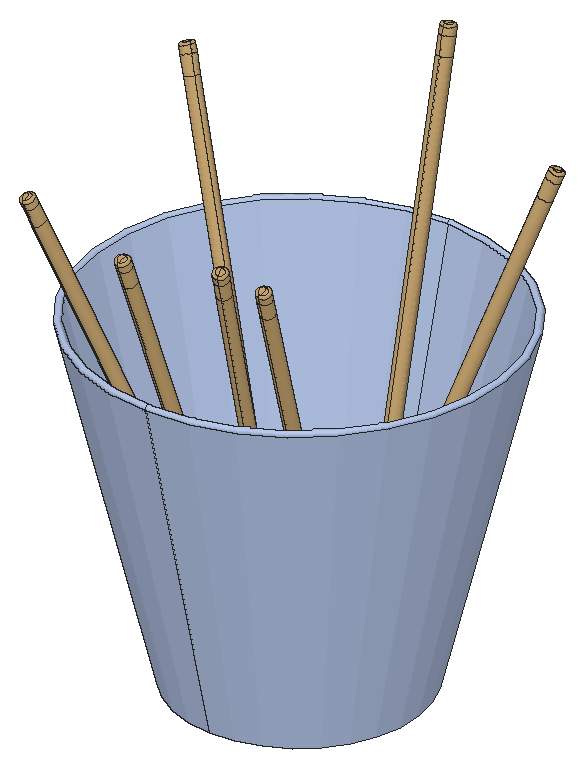
Revit family "Caixa de lápis", category Generic Models, Revit 2016
Family settings
  Part Type = Normal
  Can host rebar = No
  Round Connector Dimension = Use Diameter
  Work Plane-Based = No
  Always vertical = Yes
  Cut with Voids When Loaded = No
  Shared = No
  Room Calculation Point = No
Reference planes (in)
  plane 1 "Center (Front/Back)": y = 0
  plane 2: z = 0
  plane 3 "Center (Left/Right)": x = 0
Forms (in)
  Revolve 1, solid, material "Cup"
    sketch origin (0, 0, 0) x (0, 1, 0) y (0, 0, 1)
      loop
        line (0, 0) -> (0, 0.10404) -> (-1.43783, 0.10404) -> (-2.5057, 4.38701)
        arc (-2.5057, 4.38701) -> (-2.55751, 4.41815) -> (-2.58865, 4.36633) r 0.04275
        line (-2.58865, 4.36633) -> (-1.5, 0) -> (0, 0)
      axis (0, 4.38701) -> (0, 0)
    angle from 0 to 360
  Revolve 2, solid, material "Pencil"
    sketch origin (0, 0.21875, -0.125) x (0, 1, 0) y (0, 0, 1)
      loop
        line (-0.82075, 0.30161) -> (-3.15586, 6.3848) -> (-3.19899, 6.49715) -> (-3.25662, 6.47503)
        arc (-3.25662, 6.47503) -> (-3.27091, 6.46146) -> (-3.27143, 6.44176) r 0.02575
        line (-3.27143, 6.44176) -> (-3.23753, 6.35345) -> (-3.15299, 6.13322) -> (-1.02814, 0.5978) -> (-0.82075, 0.30161)
      axis (-0.82075, 0.30161) -> (-3.19899, 6.49715)
    angle from 0 to 360
  Revolve 3, solid, material "Pencil"
    sketch origin (-0.1141, 0.45293, -0.125) x (-0.34202, 0.939693, 0) y (0, 0, 1)
      loop
        line (-0.82075, 0.30161) -> (-3.15586, 6.3848) -> (-3.19899, 6.49715) -> (-3.25662, 6.47503)
        arc (-3.25662, 6.47503) -> (-3.27091, 6.46146) -> (-3.27143, 6.44176) r 0.02575
        line (-3.27143, 6.44176) -> (-3.23753, 6.35345) -> (-3.15299, 6.13322) -> (-1.02814, 0.5978) -> (-0.82075, 0.30161)
      axis (-0.82075, 0.30161) -> (-3.19899, 6.49715)
    angle from 0 to 360
  Revolve 4, solid, material "Pencil"
    sketch origin (0, 1.66962, -0.37668) x (0, 0.838671, -0.544639) y (0, 0.544639, 0.838671)
      loop
        line (-0.82075, 0.30161) -> (-3.15586, 6.3848) -> (-3.19899, 6.49715) -> (-3.25662, 6.47503)
        arc (-3.25662, 6.47503) -> (-3.27091, 6.46146) -> (-3.27143, 6.44176) r 0.02575
        line (-3.27143, 6.44176) -> (-3.23753, 6.35345) -> (-3.15299, 6.13322) -> (-1.02814, 0.5978) -> (-0.82075, 0.30161)
      axis (-0.82075, 0.30161) -> (-3.19899, 6.49715)
    angle from 0 to 360
  Revolve 5, solid, material "Pencil"
    sketch origin (0.71102, 0.72075, -0.16008) x (0, 1, 0) y (0.121869, 0, 0.992546)
      loop
        line (-0.82075, 0.30161) -> (-3.15586, 6.3848) -> (-3.19899, 6.49715) -> (-3.25662, 6.47503)
        arc (-3.25662, 6.47503) -> (-3.27091, 6.46146) -> (-3.27143, 6.44176) r 0.02575
        line (-3.27143, 6.44176) -> (-3.23753, 6.35345) -> (-3.15299, 6.13322) -> (-1.02814, 0.5978) -> (-0.82075, 0.30161)
      axis (-0.82075, 0.30161) -> (-3.19899, 6.49715)
    angle from 0 to 360
  Revolve 6, solid, material "Pencil"
    sketch origin (-0.61815, 0.79577, -0.13772) x (0, 1, 0) y (-0.173648, 0, 0.984808)
      loop
        line (-0.82075, 0.30161) -> (-3.15586, 6.3848) -> (-3.19899, 6.49715) -> (-3.25662, 6.47503)
        arc (-3.25662, 6.47503) -> (-3.27091, 6.46146) -> (-3.27143, 6.44176) r 0.02575
        line (-3.27143, 6.44176) -> (-3.23753, 6.35345) -> (-3.15299, 6.13322) -> (-1.02814, 0.5978) -> (-0.82075, 0.30161)
      axis (-0.82075, 0.30161) -> (-3.19899, 6.49715)
    angle from 0 to 360
  Revolve 7, solid, material "Pencil"
    sketch origin (0.43668, -0.24546, -0.16434) x (0.898794, -0.438371, 0) y (0, 0, 1)
      loop
        line (-0.82075, 0.30161) -> (-3.15586, 6.3848) -> (-3.19899, 6.49715) -> (-3.25662, 6.47503)
        arc (-3.25662, 6.47503) -> (-3.27091, 6.46146) -> (-3.27143, 6.44176) r 0.02575
        line (-3.27143, 6.44176) -> (-3.23753, 6.35345) -> (-3.15299, 6.13322) -> (-1.02814, 0.5978) -> (-0.82075, 0.30161)
      axis (-0.82075, 0.30161) -> (-3.19899, 6.49715)
    angle from 0 to 360
  Revolve 8, solid, material "Pencil"
    sketch origin (-0.29058, -0.39376, -0.22859) x (-0.798636, -0.601815, 0) y (0, 0, 1)
      loop
        line (-0.82075, 0.30161) -> (-3.15586, 6.3848) -> (-3.19899, 6.49715) -> (-3.25662, 6.47503)
        arc (-3.25662, 6.47503) -> (-3.27091, 6.46146) -> (-3.27143, 6.44176) r 0.02575
        line (-3.27143, 6.44176) -> (-3.23753, 6.35345) -> (-3.15299, 6.13322) -> (-1.02814, 0.5978) -> (-0.82075, 0.30161)
      axis (-0.82075, 0.30161) -> (-3.19899, 6.49715)
    angle from 0 to 360
